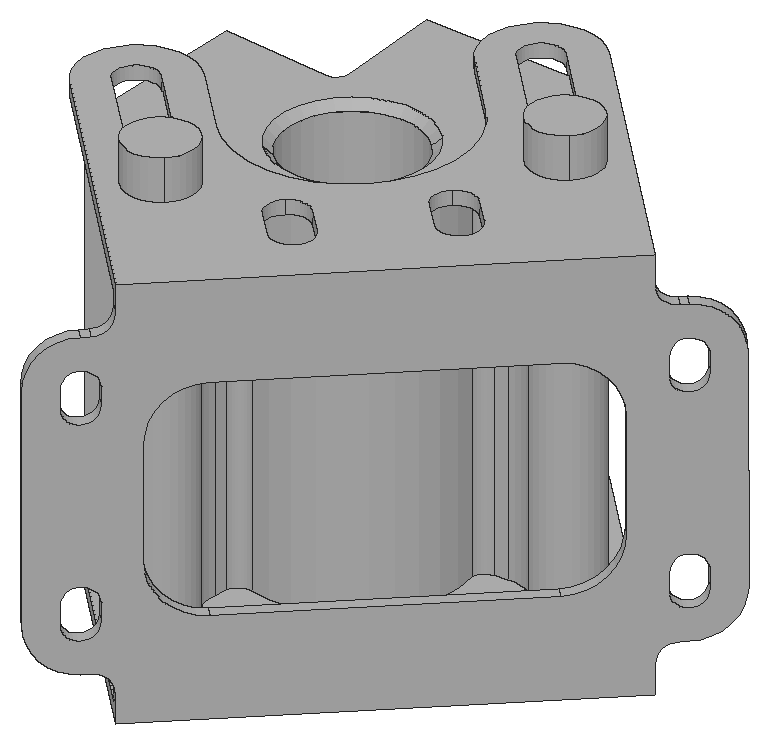
Revit family "wq", category Pipe Fittings, Revit 2018
Family settings
  Round Connector Dimension = Use Diameter
  Part Type = Elbow
  OmniClass Number = 23.27.43.00
  OmniClass Title = Pipe Fittings
  Work Plane-Based = Yes
  Always vertical = No
  Cut with Voids When Loaded = No
  Shared = No
Parameters (values of type "90643")
  Tick Size 02 [instance] = Nominal Diameter 02 * 0.4  # 5.08 mm
  QR code = "https://www.bimobject.com/aignep/product/2-ways-manifold-nptf-90643"
  Product url = "https://www.aignep.com/eng/Pipe-fittings-INFINITY/Air-Pipeline-INFINITY-Series/2-WAYS-MANIFOLD-NPTF2"
  Product name = "2 Ways Manifold Nptf - 90643"
  Product group = "Fittings"
  Product family = "INFINITY"
  Product certification = "https://www.aignep.com/eng/Certificazioni/FREE-OF-SILICON"
  Product SKU = "2-Ways-Manifold-Nptf-90643"
  Product Material = AIGNEP - Aluminium - Grey
  Product Guid = "f46c0f80-915d-4616-938c-7ffd6a762ab6"
  OmniClass Description = "Pipe Fittings"
  OmniClass Code = "23-27 43 00"
  Nominal Diameter 02 [instance] = 12.700 mm
  Nominal Diameter 01 [instance] = 19.050 mm
  Material main = "Aluminium"
  Manufacturer name = "Aignep Spa"
  Manufacturer country = "Italy"
  Lmin [instance] = 35.00 mm  # constant formula
  Lmax [instance] = 60.00 mm  # constant formula
  L Control [instance] = if(L > Lmax, Lmax, if(L < Lmin, Lmin, L))  # 35.00 mm
  L [instance] = 35.00 mm
  IFC Classification = "Pipe Fitting"
  F2/2 [instance] = F2 / 2  # 6.35 mm
  Design country = "Italy"
  Default Elevation = 1219.20 mm
  Description = "2 Ways Manifold Nptf"
  URL = "https://www.aignep.com/"
  Tick Size 01 [instance] = Nominal Diameter 01 * 0.4  # 7.62 mm
  Product data url = "https://www.bimobject.com/aignep/product/2-ways-manifold-nptf-90643"
  Model = "90643"
  Manufacturer = "Aignep Spa"
  Lookup Table Name = "2 Ways Manifold Nptf - 90643"
  Keynote = "15410"
  Edition number = 1
  F1 [instance] = if(Nominal Diameter 01 > Nominal Diameter 02, size_lookup(Lookup Table Name, "F1", 0.00 mm, Nominal Diameter 01, Nominal Diameter 02), size_lookup(Lookup Table Name, "F1", 0.00 mm, Nominal Diameter 02, Nominal Diameter 01))  # 19.05 mm
  F2 [instance] = if(Nominal Diameter 01 > Nominal Diameter 02, size_lookup(Lookup Table Name, "F2", 0.00 mm, Nominal Diameter 01, Nominal Diameter 02), size_lookup(Lookup Table Name, "F2", 0.00 mm, Nominal Diameter 02, Nominal Diameter 01))  # 12.70 mm
  BIMobject category = "Joints"
  Assembly Code = "D2040100"
  Article Code [instance] = if(Nominal Diameter 01 > Nominal Diameter 02, size_lookup(Lookup Table Name, "", "", Nominal Diameter 01, Nominal Diameter 02), size_lookup(Lookup Table Name, "", "", Nominal Diameter 02, Nominal Diameter 01))  # "90643 00 002"
Reference planes
  plane 1 "Center (Front/Back)": y = 0
  plane 2: z = 0
  plane 3 "Center (Left/Right)": x = 0
  plane 4: through (-1.951, 1.896, 1200) normal (-0.7071, 0.7071, 0)
  plane 5: through (19.289, -26.361, 1200) normal (-0.7071, 0.7071, 0)
Dimensions and locks
  locked: plane 4 to plane 3 "Center (Left/Right)" at 2.72
  "L Control": plane 4 to plane 5
  aligned and locked: level to plane 2
  aligned and locked: plane 3 "Center (Left/Right)" to nested 1
  aligned and locked: plane 1 "Center (Front/Back)" to nested 1
Nested families
  nested 1: "90643 - Geometry" at (22.825, -22.825, 0) x (0, 0, -1) z (-0.7071, 0.7071, 0), L <- "L", Lmax <- "Lmax", Lmin <- "Lmin", Nominal Diameter 01 <- "Nominal Diameter 01", Nominal Diameter 02 <- "Nominal Diameter 02", F1 <- "F1", F2 <- "F2", F2/2 <- "F2/2", L Control <- "L Control", Tick Size 01 <- "Tick Size 01", Tick Size 02 <- "Tick Size 02", type "90643 - Geometry"
    with Tick Size 02 5.08 mm, Tick Size 01 7.62 mm, Nominal Diameter 02 12.700 mm, Nominal Diameter 01 19.050 mm, Lmin 35.00 mm, Lmax 60.00 mm, L Control 35.00 mm, L 35.00 mm, F2/2 6.35 mm, F2 12.70 mm, F1 19.05 mm
Connectors
  piping at (-15.46, 0, 0), diameter 12.7, driven by "Nominal Diameter 02"
    settings: on nested 1, index 1, connector inside diameter 609.600 mm, connector length 0.00 mm, flow factor 0, pipe flow 0.0 L/s, pressure drop 0.0 Pa, fitting loss kfactor 0, connector angle 0.00°, fixture units 0, engagement length 0.00 mm, angle of deflection 0.00°, flow configuration 0, flow direction 0, fitting loss method 0, system type 28, joint type 0, gender type 0, connector reference index 2, connector utility 0, adjustable connector no, is connector primary yes, connector description ""
  piping at (0, 15.46, 0), diameter 12.7, driven by "Nominal Diameter 02"
    settings: on nested 1, index 2, connector inside diameter 609.600 mm, connector length 0.00 mm, flow factor 0, pipe flow 0.0 L/s, pressure drop 0.0 Pa, fitting loss kfactor 0, connector angle 0.00°, fixture units 0, engagement length 0.00 mm, angle of deflection 0.00°, flow configuration 0, flow direction 0, fitting loss method 0, system type 28, joint type 0, gender type 0, connector reference index 1, connector utility 0, adjustable connector no, is connector primary no, connector description ""
  piping at (-1.924, 1.924, 13.048), diameter 19.05, driven by "Nominal Diameter 01"
    settings: on nested 1, index 3, connector inside diameter 609.600 mm, connector length 0.00 mm, flow factor 0, pipe flow 0.0 L/s, pressure drop 0.0 Pa, fitting loss kfactor 0, connector angle 0.00°, fixture units 0, engagement length 0.00 mm, angle of deflection 0.00°, flow configuration 0, flow direction 0, fitting loss method 0, system type 28, joint type 0, gender type 0, connector reference index -1, connector utility 0, adjustable connector no, is connector primary no, connector description ""
  piping at (-1.924, 1.924, -10.595), diameter 12.7, driven by "Nominal Diameter 02"
    settings: on nested 1, index 4, connector inside diameter 609.600 mm, connector length 0.00 mm, flow factor 0, pipe flow 0.0 L/s, pressure drop 0.0 Pa, fitting loss kfactor 0, connector angle 0.00°, fixture units 0, engagement length 0.00 mm, angle of deflection 0.00°, flow configuration 0, flow direction 0, fitting loss method 0, system type 28, joint type 0, gender type 0, connector reference index -1, connector utility 0, adjustable connector no, is connector primary no, connector description ""
Definition of nested family "90643 - Geometry"
  Parameters (values of type "90643 - Geometry")
    Tick Size 02 [instance] = 5.08 mm
    Product Material = none
    Nominal Diameter 02 [instance] = 12.700 mm
    Nominal Diameter 01 [instance] = 19.050 mm
    Lmin [instance] = 35.00 mm
    Lmax [instance] = 60.00 mm
    L Control [instance] = 35.00 mm
    L [instance] = 35.00 mm
    F2/2 [instance] = 6.35 mm
    Default Elevation = 1219.20 mm
    Description = ""
    URL = ""
    Tick Size 01 [instance] = 7.62 mm
    Model = ""
    Manufacturer = ""
    Keynote = ""
    F1 [instance] = 19.05 mm
    F2 [instance] = 12.70 mm
    Assembly Code = ""
  Reference planes
    plane 1 "Center (Front/Back)": y = 0
    plane 2: z = 0
    plane 3 "Center (Left/Right)": x = 0
    plane 4 "L": z = 35
    plane 5: x = 36
    plane 6: x = -36
    plane 7: y = 9.525
    plane 8: y = -9.525
    plane 9: y = 6.35
    plane 10: y = -6.35
    plane 11: z = 43.211
    plane 12: y = 10.932
    plane 13: y = -10.932
  Forms (mm)
    Extrusion 1, solid, material <- "Product Material", detail levels fine
      sketch origin (0, 0, 0) x (0, 1, 0) y (0, 0, 1)
        loop
          arc (0, 21.109) -> (-11.443, 25.723) -> (-16.2, 37.108) r 16
          line (-16.2, 37.108) -> (-16.2, 49.608)
          arc (-16.2, 49.608) -> (-18.561, 55.282) -> (-24.25, 57.608) r 8
          arc (-24.25, 57.608) -> (-29.939, 55.282) -> (-32.3, 49.608) r 8
          line (-32.3, 49.608) -> (-32.3, 0) -> (32.3, 0) -> (32.3, 49.608)
          arc (32.3, 49.608) -> (29.939, 55.282) -> (24.25, 57.608) r 8
          arc (24.25, 57.608) -> (18.561, 55.282) -> (16.2, 49.608) r 8
          line (16.2, 49.608) -> (16.2, 37.108)
          arc (16.2, 37.108) -> (11.443, 25.723) -> (0, 21.109) r 16
        loop
          line (13.05, 10.2) -> (13.05, 15.2)
          arc (13.05, 15.2) -> (12.157, 17.357) -> (10, 18.25) r 3.05
          arc (10, 18.25) -> (7.843, 17.357) -> (6.95, 15.2) r 3.05
          line (6.95, 15.2) -> (6.95, 10.2)
          arc (6.95, 10.2) -> (10, 7.15) -> (13.05, 10.2) r 3.05
        loop
          line (-6.95, 10.2) -> (-6.95, 15.2)
          arc (-6.95, 15.2) -> (-7.843, 17.357) -> (-10, 18.25) r 3.05
          arc (-10, 18.25) -> (-12.157, 17.357) -> (-13.05, 15.2) r 3.05
          line (-13.05, 15.2) -> (-13.05, 10.2)
          arc (-13.05, 10.2) -> (-10, 7.15) -> (-6.95, 10.2) r 3.05
        loop
          line (27.3, 23.683) -> (27.3, 49.683)
          arc (27.3, 49.683) -> (24.25, 52.733) -> (21.2, 49.683) r 3.05
          line (21.2, 49.683) -> (21.2, 23.683)
          arc (21.2, 23.683) -> (24.25, 20.633) -> (27.3, 23.683) r 3.05
        loop
          line (-21.2, 23.683) -> (-21.2, 49.683)
          arc (-21.2, 49.683) -> (-24.25, 52.733) -> (-27.3, 49.683) r 3.05
          line (-27.3, 49.683) -> (-27.3, 23.683)
          arc (-27.3, 23.683) -> (-24.25, 20.633) -> (-21.2, 23.683) r 3.05
      from 28 to 30
    Extrusion 2, solid, material <- "Product Material", detail levels fine
      sketch origin (0, 0, 0) x (0, 1, 0) y (0, 0, 1)
        loop
          arc (0, 21.109) -> (-11.443, 25.723) -> (-16.2, 37.108) r 16
          line (-16.2, 37.108) -> (-16.2, 49.608)
          arc (-16.2, 49.608) -> (-18.561, 55.282) -> (-24.25, 57.608) r 8
          arc (-24.25, 57.608) -> (-29.939, 55.282) -> (-32.3, 49.608) r 8
          line (-32.3, 49.608) -> (-32.3, 0) -> (32.3, 0) -> (32.3, 49.608)
          arc (32.3, 49.608) -> (29.939, 55.282) -> (24.25, 57.608) r 8
          arc (24.25, 57.608) -> (18.561, 55.282) -> (16.2, 49.608) r 8
          line (16.2, 49.608) -> (16.2, 37.108)
          arc (16.2, 37.108) -> (11.443, 25.723) -> (0, 21.109) r 16
        loop
          line (13.05, 10.2) -> (13.05, 15.2)
          arc (13.05, 15.2) -> (12.157, 17.357) -> (10, 18.25) r 3.05
          arc (10, 18.25) -> (7.843, 17.357) -> (6.95, 15.2) r 3.05
          line (6.95, 15.2) -> (6.95, 10.2)
          arc (6.95, 10.2) -> (10, 7.15) -> (13.05, 10.2) r 3.05
        loop
          line (-6.95, 10.2) -> (-6.95, 15.2)
          arc (-6.95, 15.2) -> (-7.843, 17.357) -> (-10, 18.25) r 3.05
          arc (-10, 18.25) -> (-12.157, 17.357) -> (-13.05, 15.2) r 3.05
          line (-13.05, 15.2) -> (-13.05, 10.2)
          arc (-13.05, 10.2) -> (-10, 7.15) -> (-6.95, 10.2) r 3.05
        loop
          line (27.3, 23.683) -> (27.3, 49.683)
          arc (27.3, 49.683) -> (24.25, 52.733) -> (21.2, 49.683) r 3.05
          line (21.2, 49.683) -> (21.2, 23.683)
          arc (21.2, 23.683) -> (24.25, 20.633) -> (27.3, 23.683) r 3.05
        loop
          line (-21.2, 23.683) -> (-21.2, 49.683)
          arc (-21.2, 49.683) -> (-24.25, 52.733) -> (-27.3, 49.683) r 3.05
          line (-27.3, 49.683) -> (-27.3, 23.683)
          arc (-27.3, 23.683) -> (-24.25, 20.633) -> (-21.2, 23.683) r 3.05
      from -30 to -28
    Extrusion 3, solid, material <- "Product Material", detail levels fine
      sketch origin (0, 0, 0) x (1, 0, 0) y (0, 1, 0)
        loop
          line (16, 43.5) -> (-16, 43.5)
          arc (-16, 43.5) -> (-20.95, 41.45) -> (-23, 36.5) r 7
          line (-23, 36.5) -> (-23, 35.3)
          arc (-23, 35.3) -> (-23.879, 33.179) -> (-26, 32.3) r 3
          line (-26, 32.3) -> (-28, 32.3) -> (-28, -32.3) -> (-26, -32.3)
          arc (-26, -32.3) -> (-23.879, -33.179) -> (-23, -35.3) r 3
          line (-23, -35.3) -> (-23, -36.5)
          arc (-23, -36.5) -> (-20.95, -41.45) -> (-16, -43.5) r 7
          line (-16, -43.5) -> (16, -43.5)
          arc (16, -43.5) -> (20.95, -41.45) -> (23, -36.5) r 7
          line (23, -36.5) -> (23, -35.3)
          arc (23, -35.3) -> (23.879, -33.179) -> (26, -32.3) r 3
          line (26, -32.3) -> (28, -32.3) -> (28, 32.3) -> (26, 32.3)
          arc (26, 32.3) -> (23.879, 33.179) -> (23, 35.3) r 3
          line (23, 35.3) -> (23, 36.5)
          arc (23, 36.5) -> (20.95, 41.45) -> (16, 43.5) r 7
        loop
          arc (-16, -21) -> (-13.657, -26.657) -> (-8, -29) r 8
          line (-8, -29) -> (8, -29)
          arc (8, -29) -> (13.657, -26.657) -> (16, -21) r 8
          line (16, -21) -> (16, 21)
          arc (16, 21) -> (13.657, 26.657) -> (8, 29) r 8
          line (8, 29) -> (-8, 29)
          arc (-8, 29) -> (-13.657, 26.657) -> (-16, 21) r 8
          line (-16, 21) -> (-16, -21)
        loop
          arc (-16, 39) -> (-18.5, 36.5) -> (-16, 34) r 2.5
          line (-16, 34) -> (-13.5, 34)
          arc (-13.5, 34) -> (-11, 36.5) -> (-13.5, 39) r 2.5
          line (-13.5, 39) -> (-16, 39)
        loop
          arc (13.5, 39) -> (11, 36.5) -> (13.5, 34) r 2.5
          line (13.5, 34) -> (16, 34)
          arc (16, 34) -> (18.5, 36.5) -> (16, 39) r 2.5
          line (16, 39) -> (13.5, 39)
        loop
          arc (13.5, -34) -> (11, -36.5) -> (13.5, -39) r 2.5
          line (13.5, -39) -> (16, -39)
          arc (16, -39) -> (18.5, -36.5) -> (16, -34) r 2.5
          line (16, -34) -> (13.5, -34)
        loop
          arc (-16, -34) -> (-18.5, -36.5) -> (-16, -39) r 2.5
          line (-16, -39) -> (-13.5, -39)
          arc (-13.5, -39) -> (-11, -36.5) -> (-13.5, -34) r 2.5
          line (-13.5, -34) -> (-16, -34)
      from 0 to 2
    Extrusion 4, solid, material <- "Product Material", detail levels fine
      sketch origin (-32.5, 55.314, 1200) x (0, 1, 0) y (0, 0, 1)
        loop
          line (-24.259, -1155.75) -> (-43.343, -1136.666) -> (-53.805, -1148.7)
          arc (-53.805, -1148.7) -> (-55.314, -1149.388) -> (-56.823, -1148.7) r 2
          line (-56.823, -1148.7) -> (-67.285, -1136.666) -> (-86.369, -1155.75) -> (-76.206, -1164.584)
          arc (-76.206, -1164.584) -> (-75.192, -1166.809) -> (-76.206, -1169.034) r 2.948
          arc (-76.206, -1169.034) -> (-77.835, -1170.102) -> (-79.691, -1170.695) r 7.217
          arc (-79.691, -1170.695) -> (-83.8, -1178.491) -> (-75.047, -1177.477) r 4.981
          arc (-75.047, -1177.477) -> (-74.29, -1175.454) -> (-72.859, -1173.836) r 5.927
          line (-72.859, -1173.836) -> (-71.346, -1172.654)
          arc (-71.346, -1172.654) -> (-70.009, -1172.222) -> (-68.708, -1172.754) r 2.047
          arc (-68.708, -1172.754) -> (-55.614, -1180.434) -> (-42.278, -1173.182) r 15.431
          arc (-42.278, -1173.182) -> (-40.898, -1172.251) -> (-39.282, -1172.654) r 2.047
          line (-39.282, -1172.654) -> (-37.769, -1173.836)
          arc (-37.769, -1173.836) -> (-36.63, -1175.014) -> (-35.857, -1176.458) r 5.927
          arc (-35.857, -1176.458) -> (-27.149, -1178.91) -> (-30.938, -1170.695) r 4.981
          arc (-30.938, -1170.695) -> (-32.793, -1170.102) -> (-34.422, -1169.034) r 7.217
          arc (-34.422, -1169.034) -> (-35.436, -1166.809) -> (-34.422, -1164.584) r 2.948
          line (-34.422, -1164.584) -> (-24.259, -1155.75)
      from 4.5 to 60.5
    Extrusion 5, solid, material <- "Product Material", detail levels fine
      sketch origin (36, -1524, 2214.315) x (0, 0, 1) y (0, -1, 0)
        loop
          circle (-2189.991, -1548.25) r 4.981
        loop
          circle (-2189.991, -1499.75) r 4.981
      from -8 to 0
    Extrusion 6, solid, material <- "Product Material", detail levels fine
      sketch origin (-36, -1524, 2214.315) x (0, 0, 1) y (0, -1, 0)
        loop
          circle (-2189.991, -1548.25) r 4.981
        loop
          circle (-2189.991, -1499.75) r 4.981
      from 8 to 0
    Revolve 7, void
      sketch origin (0, 0, 0) x (0, 1, 0) y (0, 0, 1)
        loop
          line (6.442, 47.702) -> (10.932, 43.211) -> (21.513, 53.792) -> (15.874, 59.431) -> (15.874, 57.133) -> (6.442, 47.702)
        axis (10.932, 43.211) -> (21.513, 53.792)
      angle from 0 to 360
    Revolve 8, void
      sketch origin (0, 0, 0) x (0, -1, 0) y (0, 0, -1)
        loop
          line (6.442, -47.702) -> (15.874, -57.133) -> (15.874, -59.431) -> (21.513, -53.792) -> (10.932, -43.211) -> (6.442, -47.702)
        axis (10.932, -43.211) -> (21.513, -53.792)
      angle from 0 to 360
    Revolve 9, void
      sketch origin (0, 54.113, 35) x (0, 1, 0) y (-1, 0, 0)
        loop
          line (-43.335, 28) -> (-54.113, 28) -> (-54.113, 13.048) -> (-44.588, 13.048) -> (-44.588, 26.748) -> (-43.335, 28)
        axis (-54.113, 13.048) -> (-54.113, 28)
      angle from 0 to 360
    Revolve 10, void
      sketch origin (0, 54.113, 35) x (0, 1, 0) y (-1, 0, 0)
        loop
          line (-40.634, -28) -> (-42.142, -26.492) -> (-42.142, -20.595) -> (-47.763, -20.595) -> (-47.763, -10.595) -> (-54.113, -10.595) -> (-54.113, -28) -> (-40.634, -28)
        axis (-54.113, -28) -> (-54.113, -10.595)
      angle from 0 to 360
  Cuts and joins
    joined: Extrusion 1, Extrusion 2, Extrusion 3
    Revolve 7, Revolve 8, Revolve 9, Revolve 10 cuts Extrusion 4
  Lines and regions (mm)
    reference lines
      curve 1: line (-32.5, 33.077, 65.357) -> (-32.5, 0, 32.279)
      curve 2: line (-32.5, 0, 32.279) -> (-32.5, -31.82, 64.099)
    model lines, detail levels coarse+medium
      curve 3: line (-13.048, 0, 35) -> (10.595, 0, 35)
      curve 4: line (-13.048, 0, 35) -> (-13.048, 7.62, 35)
      curve 5: line (-13.048, 0, 35) -> (-13.048, -7.62, 35)
      curve 6: line (10.595, 0, 35) -> (10.595, 5.08, 35)
      curve 7: line (10.595, 0, 35) -> (10.595, -5.08, 35)
      curve 8: line (0, 0, 32.279) -> (0, 10.932, 43.211)
      curve 9: line (0, 0, 32.279) -> (0, -10.932, 43.211)
      curve 10: line (0, 0, 32.279) -> (0, 0, 35)
      curve 11: line (0, 14.524, 39.619) -> (0, 7.34, 46.804)
      curve 12: line (0, -14.524, 39.619) -> (0, -7.34, 46.804)
  Dimensions and locks
    plane 4 "L" to Extrusion 5 sketch curve to Extrusion 5 sketch curve = 10.676 mm locked, 0.00 mm locked
    equal spacing: plane 5, plane 3 "Center (Left/Right)", plane 6
    locked: plane 5 to plane 6 at 72
    locked: Extrusion 6 sketch curve to Extrusion 6 sketch curve at 0
    equal spacing: Extrusion 6 sketch curve, plane 1 "Center (Front/Back)", Extrusion 6 sketch curve
    locked: Extrusion 5 sketch curve to plane 1 "Center (Front/Back)" at 24.25
    equal spacing: Extrusion 5 sketch curve, plane 1 "Center (Front/Back)", Extrusion 5 sketch curve
    Extrusion 4 sketch curve to Extrusion 4 sketch curve to Extrusion 4 sketch curve to Extrusion 4 sketch curve to Extrusion 4 sketch curve to plane 4 "L" to Extrusion 4 sketch curve to Extrusion 4 sketch curve to Extrusion 4 sketch curve = 0.00 mm locked, 12.722 mm locked, 6.362 mm locked, 0.00 mm locked, 9.25 mm locked, 15.436 mm locked, 0.221 mm locked, 0.00 mm locked
    Revolve 7 sketch curve to Revolve 7 sketch curve to Revolve 7 sketch curve = 13.338 mm locked, 1.625 mm locked
    locked: Revolve 7 sketch curve to Revolve 7 sketch curve at 1.625
    locked: Revolve 8 sketch curve to Revolve 8 sketch curve at 1.625
    Revolve 8 sketch curve to Revolve 8 sketch curve to Revolve 8 sketch curve = 1.625 mm locked, 13.338 mm locked
    locked: plane 4 "L" to curve 1 at 2.721
    "F2/2": curve 1 to Revolve 7 sketch curve
    Extrusion 2 sketch curve to Extrusion 2 sketch curve to Extrusion 2 sketch curve to Extrusion 2 sketch curve to plane 2 = 0.00 mm locked, 4.875 mm locked, 0.00 mm locked, 52.733 mm locked
    locked: curve 2 to Revolve 7 sketch curve at 15.46
    locked: curve 1 to Revolve 8 sketch curve at 15.46
    equal spacing: plane 8, plane 1 "Center (Front/Back)", plane 7
    "F1": plane 7 to plane 8
    equal spacing: plane 10, plane 1 "Center (Front/Back)", plane 9
    "F2": plane 9 to plane 10
    locked: Revolve 9 sketch curve to plane 7 at 1.252
    plane 6 to Revolve 9 sketch curve to Revolve 9 sketch curve to Revolve 9 sketch curve = 8.00 mm locked, 1.252 mm locked, 13.70 mm locked
    Revolve 10 sketch curve to Revolve 10 sketch curve to plane 9 = 1.508 mm locked, 5.621 mm locked
    Revolve 10 sketch curve to Revolve 10 sketch curve to Revolve 10 sketch curve to Revolve 10 sketch curve to plane 5 = 10.00 mm locked, 5.898 mm locked, 1.508 mm locked, 8.00 mm locked
    "F2/2": curve 2 to Revolve 8 sketch curve
    locked: Extrusion 1 sketch curve to plane 2 at 37.108  (x2)
    Extrusion 1 sketch curve to Extrusion 1 sketch curve to Extrusion 1 sketch curve to Extrusion 1 sketch curve to Extrusion 1 sketch curve to Extrusion 1 sketch curve to plane 2 = 0.00 mm locked, 4.875 mm locked, 0.00 mm locked, 32.10 mm locked, 0.00 mm locked, 20.633 mm locked
    Extrusion 2 sketch curve to Extrusion 2 sketch curve to plane 2 = 0.00 mm locked, 20.633 mm locked
    locked: Extrusion 2 sketch curve to plane 2 at 37.108  (x2)
    equal spacing: curve 5, plane 1 "Center (Front/Back)", curve 4
    "Tick Size 01": plane 1 "Center (Front/Back)" to curve 4
    equal spacing: curve 7, plane 1 "Center (Front/Back)", curve 6
    "Tick Size 02": plane 1 "Center (Front/Back)" to curve 6
    "L Control": plane 4 "L" to plane 2
    locked: plane 11 to plane 4 "L" at 8.211
    equal spacing: plane 12, plane 1 "Center (Front/Back)", plane 13
    locked: plane 12 to plane 13 at 21.864
    equal spacing: curve 11, curve 1, curve 11
    equal spacing: curve 12, curve 2, curve 12
    "Tick Size 02": curve 11 to curve 1
    "Tick Size 02": curve 12 to curve 2
    locked: curve 1 to plane 4 "L" (angle 45.00°)
    locked: plane 4 "L" to curve 2 (angle 45.00°)
    aligned and locked: level to plane 2
    aligned and locked: Revolve 7 sketch curve to curve 1  (x2)
    aligned and locked: Revolve 9 sketch curve to plane 1 "Center (Front/Back)"
    aligned and locked: plane 7 to Revolve 9 sketch curve
    aligned and locked: Revolve 10 sketch curve to plane 1 "Center (Front/Back)"  (x2)
    aligned and locked: plane 9 to Revolve 10 sketch curve
    aligned and locked: curve 2 to Revolve 8 sketch curve  (x2)
    aligned and locked: curve 8 to curve 1
    aligned and locked: curve 9 to curve 2
    aligned and locked: plane 11 to curve 8
    aligned and locked: plane 11 to curve 9
    aligned and locked: cut or joined group of Extrusion 4, Revolve 7, Revolve 8, Revolve 9, Revolve 10 to curve 11
    aligned and locked: cut or joined group of Extrusion 4, Revolve 7, Revolve 8, Revolve 9, Revolve 10 to curve 12
  Automatic sketch dimensions
    Extrusion 1 sketch curve to Extrusion 1 sketch curve = 0.00 mm  (x4)
    Extrusion 1 sketch curve to level = 0.00 mm
    Extrusion 1 sketch curve to plane 1 "Center (Front/Back)" = 0.00 mm
    plane 1 "Center (Front/Back)" to Extrusion 1 sketch curve = 0.20 mm
    plane 1 "Center (Front/Back)" to Extrusion 1 sketch curve = 6.95 mm
    Extrusion 1 sketch curve to Extrusion 1 sketch curve = 3.05 mm  (x3)
    Extrusion 1 sketch curve to Extrusion 1 sketch curve = 16.00 mm
    Extrusion 1 sketch curve to Extrusion 1 sketch curve = 3.00 mm  (x2)
    Extrusion 1 sketch curve to Extrusion 1 sketch curve = 0.05 mm  (x3)
    Extrusion 1 sketch curve to Extrusion 1 sketch curve = 19.25 mm
    Extrusion 1 sketch curve to plane 1 "Center (Front/Back)" = 0.20 mm
    Extrusion 1 sketch curve to plane 1 "Center (Front/Back)" = 6.95 mm
    Extrusion 1 sketch curve to Extrusion 1 sketch curve = 8.15 mm
    level to Extrusion 1 sketch curve = 10.20 mm  (x2)
    Extrusion 1 sketch curve to Extrusion 1 sketch curve = 5.00 mm  (x2)
    Extrusion 1 sketch curve to Extrusion 1 sketch curve = 0.075 mm  (x2)
    Extrusion 2 sketch curve to Extrusion 2 sketch curve = 0.00 mm  (x4)
    Extrusion 2 sketch curve to level = 0.00 mm
    Extrusion 2 sketch curve to plane 1 "Center (Front/Back)" = 0.00 mm
    plane 1 "Center (Front/Back)" to Extrusion 2 sketch curve = 0.20 mm
    plane 1 "Center (Front/Back)" to Extrusion 2 sketch curve = 6.95 mm
    Extrusion 2 sketch curve to Extrusion 2 sketch curve = 3.05 mm  (x3)
    Extrusion 2 sketch curve to Extrusion 2 sketch curve = 16.00 mm
    Extrusion 2 sketch curve to Extrusion 2 sketch curve = 3.00 mm  (x2)
    Extrusion 2 sketch curve to Extrusion 2 sketch curve = 0.05 mm  (x3)
    Extrusion 2 sketch curve to Extrusion 2 sketch curve = 19.25 mm
    Extrusion 2 sketch curve to plane 1 "Center (Front/Back)" = 0.20 mm
    Extrusion 2 sketch curve to plane 1 "Center (Front/Back)" = 6.95 mm
    Extrusion 2 sketch curve to Extrusion 2 sketch curve = 8.15 mm
    level to Extrusion 2 sketch curve = 10.20 mm  (x2)
    Extrusion 2 sketch curve to Extrusion 2 sketch curve = 5.00 mm  (x2)
    Extrusion 2 sketch curve to Extrusion 2 sketch curve = 0.075 mm  (x2)
    Extrusion 3 sketch curve to Extrusion 3 sketch curve = 0.00 mm  (x9)
    plane 6 to Extrusion 3 sketch curve = 8.00 mm
    Extrusion 3 sketch curve to Extrusion 3 sketch curve = 2.00 mm  (x3)
    Extrusion 3 sketch curve to Extrusion 3 sketch curve = 3.00 mm  (x4)
    Extrusion 3 sketch curve to Extrusion 3 sketch curve = 7.00 mm  (x4)
    Extrusion 3 sketch curve to Extrusion 3 sketch curve = 2.50 mm  (x7)
    Extrusion 3 sketch curve to plane 3 "Center (Left/Right)" = 8.00 mm
    Extrusion 3 sketch curve to Extrusion 3 sketch curve = 5.50 mm  (x3)
    plane 3 "Center (Left/Right)" to Extrusion 3 sketch curve = 8.00 mm  (x2)
    Extrusion 3 sketch curve to Extrusion 3 sketch curve = 8.00 mm
    plane 1 "Center (Front/Back)" to Extrusion 3 sketch curve = 43.50 mm
    Extrusion 3 sketch curve to Extrusion 3 sketch curve = 1.20 mm  (x2)
    Extrusion 3 sketch curve to Extrusion 3 sketch curve = 5.00 mm
    Extrusion 3 sketch curve to plane 1 "Center (Front/Back)" = 21.00 mm
    Extrusion 3 sketch curve to Extrusion 3 sketch curve = 11.30 mm  (x2)
    Extrusion 3 sketch curve to Extrusion 3 sketch curve = 1.30 mm  (x2)
    Extrusion 4 sketch curve to plane 1 "Center (Front/Back)" = 0.00 mm
    Extrusion 4 sketch curve to plane 4 "L" = 0.005 mm
    plane 1 "Center (Front/Back)" to Extrusion 4 sketch curve = 0.05 mm
    plane 1 "Center (Front/Back)" to Extrusion 4 sketch curve = 1.509 mm
    plane 1 "Center (Front/Back)" to Extrusion 4 sketch curve = 11.971 mm
    plane 1 "Center (Front/Back)" to Extrusion 4 sketch curve = 13.896 mm
    Extrusion 4 sketch curve to Extrusion 4 sketch curve = 0.876 mm  (x2)
    Extrusion 4 sketch curve to plane 4 "L" = 7.654 mm  (x2)
    Extrusion 4 sketch curve to Extrusion 4 sketch curve = 1.26 mm  (x2)
    Extrusion 4 sketch curve to plane 4 "L" = 8.836 mm  (x2)
    Extrusion 4 sketch curve to Extrusion 4 sketch curve = 1.513 mm  (x2)
    plane 4 "L" to Extrusion 4 sketch curve = 0.416 mm  (x2)
    Extrusion 4 sketch curve to Extrusion 4 sketch curve = 4.861 mm  (x2)
    Extrusion 4 sketch curve to Extrusion 4 sketch curve = 1.934 mm  (x2)
    Extrusion 4 sketch curve to Extrusion 4 sketch curve = 6.832 mm  (x2)
    plane 4 "L" to Extrusion 4 sketch curve = 1.412 mm  (x2)
    Extrusion 4 sketch curve to Extrusion 4 sketch curve = 2.80 mm  (x2)
    Extrusion 4 sketch curve to Extrusion 4 sketch curve = 5.428 mm  (x2)
    Extrusion 4 sketch curve to plane 1 "Center (Front/Back)" = 1.509 mm
    Extrusion 4 sketch curve to plane 1 "Center (Front/Back)" = 11.971 mm
    Extrusion 4 sketch curve to plane 1 "Center (Front/Back)" = 13.896 mm
    Extrusion 4 sketch curve to Extrusion 4 sketch curve = 1.613 mm  (x2)
    Extrusion 4 sketch curve to Extrusion 4 sketch curve = 1.84 mm  (x2)
    Extrusion 4 sketch curve to Extrusion 4 sketch curve = 4.239 mm  (x2)
    Extrusion 4 sketch curve to plane 4 "L" = 1.809 mm  (x2)
    Extrusion 4 sketch curve to Extrusion 4 sketch curve = 12.034 mm
    Extrusion 4 sketch curve to Extrusion 4 sketch curve = 0.00 mm  (x2)
    Extrusion 6 sketch curve to plane 4 "L" = 10.676 mm
    Extrusion 6 sketch curve to plane 1 "Center (Front/Back)" = 24.25 mm
    plane 1 "Center (Front/Back)" to Revolve 9 sketch curve = 0.00 mm
    Revolve 9 sketch curve to Revolve 9 sketch curve = 0.00 mm
    Revolve 9 sketch curve to plane 6 = 2.825 mm
    Revolve 10 sketch curve to Revolve 10 sketch curve = 0.00 mm
    Revolve 10 sketch curve to Revolve 10 sketch curve = 5.00 mm
    curve 2 to plane 1 "Center (Front/Back)" = 0.00 mm
    curve 10 to plane 4 "L" = 0.00 mm
    Revolve 7 sketch curve to plane 11 = 10.581 mm
    Revolve 7 sketch curve to plane 11 = 15.289 mm
    Revolve 8 sketch curve to plane 11 = 10.581 mm
    Revolve 8 sketch curve to plane 11 = 15.289 mm
    plane 1 "Center (Front/Back)" to curve 3 = 0.00 mm
    plane 3 "Center (Left/Right)" to curve 3 = 10.595 mm
    curve 4 to plane 3 "Center (Left/Right)" = 13.048 mm
    radius of Extrusion 5 sketch curve = 4.981 mm  (x2)
    radius of Extrusion 6 sketch curve = 4.981 mm  (x2)
